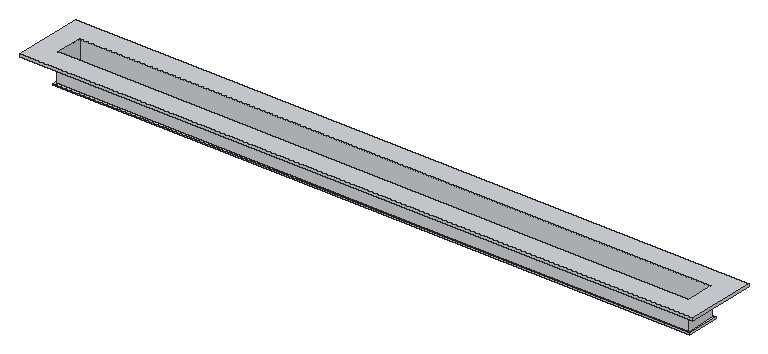
Revit family "GR36 - GR0006", category Generic Models, host Face, Revit 2019
Family settings
  Host = Face
  Can host rebar = No
  Round Connector Dimension = Use Diameter
  Part Type = Normal
  Cut with Voids When Loaded = No
  Shared = No
  Room Calculation Point = No
Parameters
  Default Elevation = 48.00"
Reference planes (in)
  plane 1 "Center (Front/Back)": y = 0
  plane 2: z = 0
  plane 3 "Center (Left/Right)": x = 0
Forms (in)
  Extrusion 1, solid
    sketch origin (0, 0, 0) x (1, 0, 0) y (0, 1, 0)
      loop
        line (-20.4375, 2.09375) -> (-20.4375, -2.09375) -> (20.4375, -2.09375) -> (20.4375, 2.09375) -> (-20.4375, 2.09375)
      loop
        line (-19.1775, 0.83375) -> (-19.1775, -0.83375) -> (19.1775, -0.83375) -> (19.1775, 0.83375) -> (-19.1775, 0.83375)
    from 0 to 0.16
  Extrusion 2, solid
    sketch origin (0, 0, 0) x (1, 0, 0) y (0, 1, 0)
      loop
        line (19.1775, 0.83375) -> (-19.1775, 0.83375) -> (-19.1775, -0.83375) -> (19.1775, -0.83375) -> (19.1775, 0.83375)
      loop
        line (-19.2175, 0.87375) -> (-19.2175, -0.87375) -> (19.2175, -0.87375) -> (19.2175, 0.87375) -> (-19.2175, 0.87375)
    from 0 to -1.63
  Extrusion 3, solid
    sketch origin (0, 0, 0) x (1, 0, 0) y (0, 1, 0)
      loop
        line (19.2175, 0.87375) -> (-19.2175, 0.87375) -> (-19.2175, -0.87375) -> (19.2175, -0.87375) -> (19.2175, 0.87375)
      loop
        line (19.3375, 0.99375) -> (-19.3375, 0.99375) -> (-19.3375, -0.99375) -> (19.3375, -0.99375) -> (19.3375, 0.99375)
    from -1.55 to -1.63
  Extrusion 4, solid
    sketch origin (0, 0, 0) x (1, 0, 0) y (0, 1, 0)
      loop
        line (19.2175, 0.87375) -> (-19.2175, 0.87375) -> (-19.2175, -0.87375) -> (19.2175, -0.87375) -> (19.2175, 0.87375)
      loop
        line (19.3375, 0.99375) -> (-19.3375, 0.99375) -> (-19.3375, -0.99375) -> (19.3375, -0.99375) -> (19.3375, 0.99375)
    from -0.66 to -0.6
Cuts and joins
  joined: Extrusion 1, Extrusion 2, Extrusion 3, Extrusion 4
Dimensions and locks (in)
  aligned and locked: plane 2 to host face
  aligned and locked: level to host face
